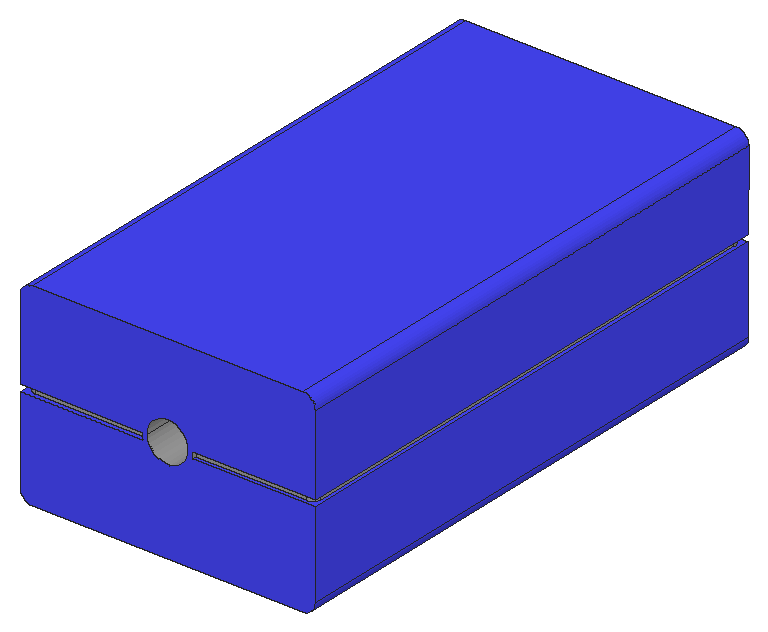
Revit family "ITK_Адаптер проходной GENERICA_категория 5E_IP20", category Обобщенные модели, Revit 2019
Family settings
  Может служить основой для арматурных стержней = Нет
  Размер круглого соединителя = Использовать диаметр
  Тип детали = Нормальный
  На основе рабочей плоскости = Нет
  Всегда вертикально = Да
  При загрузке вырезать с полостями = Нет
  Общий = Нет
  Точка расчета площади = Нет
Parameters (values of type "5E_FTP")
  Ширина = 36 mm  # constant formula
  Степень защиты = ""
  Материал = Пластик белый
  Изготовитель = "ITK"  # constant formula
  Дата изменения = ""
  Глубина = 66 mm  # constant formula
  Высота = 24 mm  # constant formula
  URL = "https://www.iek.ru/"
  KSI_CPr_Строительные изделия = "61.1.03.04"  # constant formula
  KSI_CMa_Строительные материалы = "01.7.14.03"  # constant formula
  IEK_Цена за единицу = 184.48
  IEK_Поиск в таблице имен = ""
  IEK_Описание = "спользуется для удлинения имеющейся кабельной линии, объединения двух кабельных участков между собой."
  IEK_URL = "https://generica.su/catalog/?page=detail&article=CS80-1C5EF-G"
  ADSK_Примечание = ""
  ADSK_Позиция [instance] = ""
  ADSK_Наименование = "Адаптер проходной кат. 5E FTP тип IDC-IDC (Krone) GENERICA"
  ADSK_Материал обозначение = ""
  ADSK_Материал наименование = "Пластик"  # constant formula
  ADSK_Масса = 0
  ADSK_Марка = ""  # constant formula
  ADSK_Код изделия = "CS80-1C5EF-G"
  ADSK_Завод-изготовитель = "IEK"  # constant formula
  ADSK_Единица измерения = "шт"  # constant formula
  ADSK_Группирование = "I. ЩИТЫ И ПУЛЬТЫ"  # constant formula
  ADSK_Версия семейства = "1.0"  # constant formula
  ADSK_Версия Revit = "2019"  # constant formula
  ADSK_URL страницы изделия = "https://generica.su/catalog/?page=section&id=4935"
Types (2, lengths in mm): name | Материал | IEK_Цена за единицу | IEK_Описание | IEK_URL | ADSK_Наименование | ADSK_Код изделия
  5E_FTP | Пластик белый | 184.48 | "спользуется для удлинения имеющейся кабельной линии, объединения двух кабельных участков между собой." | "https://generica.su/catalog/?page=detail&article=CS80-1C5EF-G" | "Адаптер проходной кат. 5E FTP тип IDC-IDC (Krone) GENERICA" | "CS80-1C5EF-G"
  5E_UTP | Окраска - RAL 9005 | 150.22 | "Используется для удлинения имеющейся кабельной линии, объединения двух кабельных участков между собой." | "https://generica.su/catalog/?page=detail&article=CS80-1C5EU-G" | "Адаптер проходной кат. 5E UTP тип IDC-IDC (Krone) GENERICA" | "CS80-1C5EU-G"
Reference planes
  plane 1 "По центру (Вперед/Назад)": y = 0
  plane 2: z = 0
  plane 3 "По центру (Влево/Вправо)": x = 0
  plane 4: x = -18
  plane 5: x = 18
  plane 6: z = 24
  plane 7: y = 66
  plane 8: z = 12.75
  plane 9: y = 33
Forms (mm)
  Extrusion 1, solid, material "Пластик белый" <- "Материал", detail levels fine
    sketch origin (0, 0, 0) x (1, 0, 0) y (0, 0, 1)
      loop
        line (-18, 22.499) -> (-18, 1.49)
        arc (-18, 1.49) -> (-17.564, 0.436) -> (-16.51, 0) r 1.49
        line (-16.51, 0) -> (16.52, 0)
        arc (16.52, 0) -> (17.566, 0.434) -> (18, 1.48) r 1.48
        line (18, 1.48) -> (18, 22.499)
        arc (18, 22.499) -> (17.56, 23.56) -> (16.499, 24) r 1.501
        line (16.499, 24) -> (-16.499, 24)
        arc (-16.499, 24) -> (-17.56, 23.56) -> (-18, 22.499) r 1.501
    from 0 to -66
  Extrusion 2, void
    sketch origin (0, 0, 0) x (1, 0, 0) y (0, 0, 1)
      loop
        circle (0, 12.75) r 2.484
    from 0 to -66
  Sweep 3, void
    path origin (0, 0, 11.964) x (1, 0, 0) y (0, 1, 0)
      loop
        line (-3, 66) -> (-16.506, 66)
        arc (-16.506, 66) -> (-17.562, 65.562) -> (-18, 64.506) r 1.494
        line (-18, 64.506) -> (-18, 1.49)
        arc (-18, 1.49) -> (-17.564, 0.436) -> (-16.51, 0) r 1.49
        line (-16.51, 0) -> (-3, 0)
    profile origin (-9.753, 66, 11.964) x (0, -1, 0) y (0, 0, 1)
      loop
        line (-0.979, 0) -> (0.514, 0) -> (0.514, 0.786) -> (-0.979, 0.786) -> (-0.979, 0)
  Extrusion 4, solid, material "Условный материал-отделка", detail levels coarse+medium
    sketch origin (0, 0, 0) x (1, 0, 0) y (0, 1, 0)
      loop
        line (-18, 66) -> (-18, 0) -> (18, 0) -> (18, 66) -> (-18, 66)
    from 0 to 24 <- "Высота"
  Sweep 5, void
    path origin (0, 0, 11.964) x (-1, 0, 0) y (0, -1, 0)
      loop
        line (-3, -66) -> (-16.506, -66)
        arc (-16.506, -66) -> (-17.562, -65.562) -> (-18, -64.506) r 1.494
        line (-18, -64.506) -> (-18, -1.49)
        arc (-18, -1.49) -> (-17.564, -0.436) -> (-16.51, 0) r 1.49
        line (-16.51, 0) -> (-3, 0)
    profile origin (9.753, 66, 11.964) x (0, 1, 0) y (0, 0, 1)
      loop
        line (0.979, 0) -> (0.979, 0.786) -> (-0.514, 0.786) -> (-0.514, 0) -> (0.979, 0)
Cuts and joins
  Extrusion 2, Sweep 3, Sweep 5 cuts Extrusion 1
Dimensions and locks
  "Высота": plane 6 to level
  "Глубина": plane 1 "По центру (Вперед/Назад)" to plane 7
  equal spacing: plane 4, plane 3 "По центру (Влево/Вправо)", plane 5
  "Ширина": plane 4 to plane 5
  equal spacing: plane 1 "По центру (Вперед/Назад)", plane 9, plane 7
  aligned and locked: level to plane 2
  aligned and locked: Extrusion 1 sketch curve to plane 4
  aligned and locked: Extrusion 1 sketch curve to plane 6
  aligned and locked: Extrusion 1 sketch curve to plane 5
  aligned and locked: Extrusion 1 sketch curve to level
  aligned and locked: plane 7 to Extrusion 1
  aligned and locked: plane 7 to Extrusion 2
Automatic sketch dimensions
  level to Extrusion 1 sketch curve = 1.49 mm
  Extrusion 1 sketch curve to Extrusion 1 sketch curve = 1.501 mm
  Extrusion 1 sketch curve to plane 5 = 1.501 mm
  level to Extrusion 1 sketch curve = 1.48 mm
  Extrusion 2 sketch curve to plane 3 "По центру (Влево/Вправо)" = 0 mm
  Extrusion 2 sketch curve to plane 8 = 0 mm
  Sweep 3 sketch curve to plane 4 = 0 mm
  plane 1 "По центру (Вперед/Назад)" to Sweep 3 sketch curve = 0 mm
  Sweep 3 sketch curve to plane 7 = 0 mm
  Sweep 3 sketch curve to Sweep 3 sketch curve = 1.49 mm
  Sweep 3 sketch curve to Sweep 3 sketch curve = 1.494 mm
  Sweep 3 sketch curve to plane 3 "По центру (Влево/Вправо)" = 3 mm  (x2)
  Sweep 3 sketch curve to profile plane = 0 mm
  profile plane to Sweep 3 sketch curve = 0.979 mm
  Sweep 3 sketch curve to profile plane = 0.514 mm
  profile plane to Sweep 3 sketch curve = 0.786 mm
  plane 1 "По центру (Вперед/Назад)" to Extrusion 4 sketch curve = 0 mm
  Extrusion 4 sketch curve to plane 4 = 0 mm
  Extrusion 4 sketch curve to plane 5 = 0 mm
  Extrusion 4 sketch curve to plane 7 = 0 mm
  Sweep 5 sketch curve to plane 5 = 0 mm
  plane 1 "По центру (Вперед/Назад)" to Sweep 5 sketch curve = 0 mm
  Sweep 5 sketch curve to plane 7 = 0 mm
  Sweep 5 sketch curve to Sweep 5 sketch curve = 1.49 mm
  Sweep 5 sketch curve to Sweep 5 sketch curve = 1.494 mm
  plane 3 "По центру (Влево/Вправо)" to Sweep 5 sketch curve = 3 mm  (x2)
  Sweep 5 sketch curve to profile plane = 0 mm
  profile plane to Sweep 5 sketch curve = 0.514 mm
  Sweep 5 sketch curve to profile plane = 0.979 mm
  profile plane to Sweep 5 sketch curve = 0.786 mm
  radius of Extrusion 2 sketch curve = 2.484 mm
